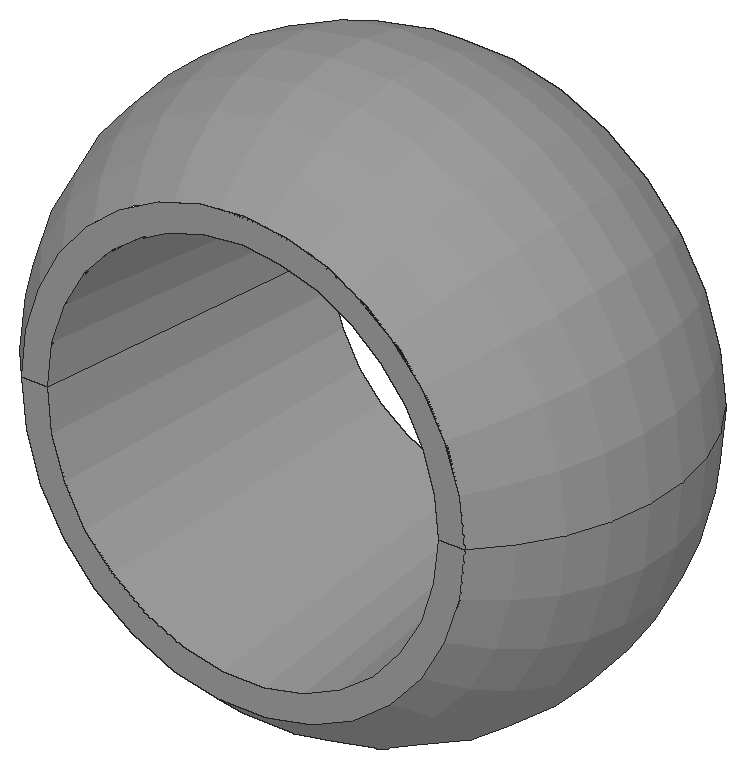
Revit family "VK301", category Sprinklers, Revit 2012
Parameters
  URL = "http://www.vikinggroupinc.com/databook/sprinklers/standard/qr/stcov/101601.pdf"
  Model = "VK301"
  Manufacturer = "Viking"
  K-Factor = 5.6
Reference planes (in)
  plane 1 "Center (Front/Back)": y = 0
  plane 2: z = 0
  plane 3 "Center (Left/Right)": x = 0
  plane 4 "Threads": y = -0.53896
Forms (in)
  Revolve 1, solid, material "Default"
    sketch origin (0, 0, 0) x (1, 0, 0) y (0, 1, 0)
      loop
        arc (-0.37929, -0.43741) -> (-0.4591, -0.6844) -> (-0.35128, -0.92051) r 0.35847
        line (-0.35128, -0.92051) -> (-0.3099, -0.92051) -> (-0.25058, -0.43741) -> (-0.37929, -0.43741)
      axis (0, -0.43741) -> (0, -0.92051)
    angle from 0 to 360
Dimensions and locks (in)
  aligned and locked: plane 2 to level
Connectors (in)
  piping at (0, -0.53896, 0)
    settings: index 1, connector radius 1", flow factor 0, pipe flow 0 GPM, pressure drop 0.00 psi, fitting loss kfactor 0, connector angle 0.00°, fixture units 0, engagement length 0' - 0", flow configuration 0, flow direction 0, fitting loss method 0, system type 7, joint type 0, gender type 0, connector reference index -1, connector utility 0, adjustable connector no, is connector primary yes, fitting loss table "", connector description ""
